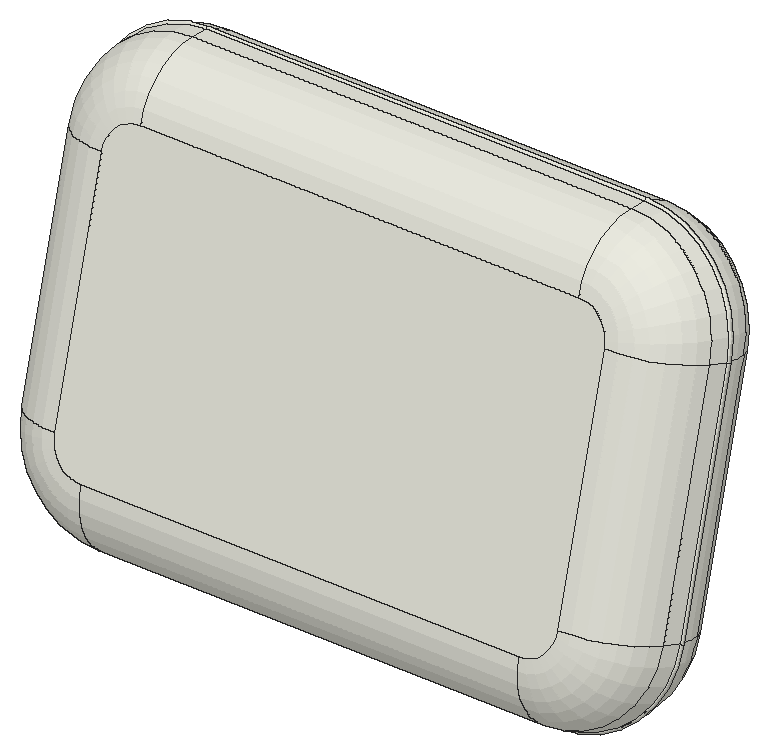
Revit family "Haworth_BuzziCane_Cushion", category Furniture, Revit 2018
Family settings
  OmniClass Number = 23.40.70.14.64.21
  OmniClass Title = Systems Furniture
  Work Plane-Based = No
  Always vertical = Yes
  Cut with Voids When Loaded = No
  Shared = No
  Room Calculation Point = No
Parameters (values of type "HCBZ-CNC")
  Warranty = "http://www.haworth.com/resources/product-info/warranties"
  Upholstery Finish [instance] = Haworth _ Fabric _ Kvadrat Tonus 4_BT4-100
  URL - Product = "https://www.haworth.com/products/seating/lounge-sofas-benches/buzzicane"
  URL = "http://www.haworth.com/our-brands/haworth-collection"
  Size = "Verify Final Dim. w/ Haworth"  # constant formula
  Revision Number = "1"  # constant formula
  Model = "HCBZ-CNC"  # constant formula
  Manufacturer = "Haworth"  # constant formula
  Description = "Haworth - BuzziCane - Cushion"  # constant formula
  Cushion Dimension = 13.50"  # constant formula
  Author = "Haworth (Alias)"  # constant formula
  Assembly Code = "E2020200"
  Actual Width = 20.46875"  # constant formula
  Actual Height = 12.60156"  # constant formula
  Actual Depth = 5.89844"  # constant formula
Reference planes (in)
  plane 1: z = 0
  plane 2 "Center LR": x = 28.501126
  plane 3 "Back": y = 17.7928867
  plane 4 "Pillow Angle": through (480, 16.7476774, 29.8137104) normal (0, 0.9687, -0.2481)
  plane 5 "Right": x = 38.741126
  plane 6 "Left": x = 18.261126
  plane 7 "Center (Front/Back)": y = 14.843668
  plane 8: z = 29.2240276
  plane 9: z = 16.6224651
  plane 10 "Front": y = 11.8944492
Forms (in)
  Extrusion 1, solid, material "Haworth _ Fabric _ Kvadrat Tonus 4_BT4-100" <- "Upholstery Finish"
    sketch origin (0, 8.7424049, -1.7285443) x (0, 0.248135, 0.968725) y (1, 0, 0)
      loop
        line (29.1389121, 22.001126) -> (29.1389121, 35.001126)
        arc (29.1389121, 35.001126) -> (29.0656888, 35.1779027) -> (28.8889121, 35.251126) r 0.25
        line (28.8889121, 35.251126) -> (21.9509919, 35.251126)
        arc (21.9509919, 35.251126) -> (21.7742152, 35.1779027) -> (21.7009919, 35.001126) r 0.25
        line (21.7009919, 35.001126) -> (21.7009919, 22.001126)
        arc (21.7009919, 22.001126) -> (21.7742152, 21.8243493) -> (21.9509919, 21.751126) r 0.25
        line (21.9509919, 21.751126) -> (28.8889121, 21.751126)
        arc (28.8889121, 21.751126) -> (29.0656888, 21.8243493) -> (29.1389121, 22.001126) r 0.25
    from -2.25 to 1.45
  Sweep 2, solid, material "Haworth _ Fabric _ Kvadrat Tonus 4_BT4-100" <- "Upholstery Finish"
    path in 3D
      loop
        arc (22.001126, 13.7931616, 27.0573647) -> (21.8243493, 13.7749923, 26.9864314) -> (21.751126, 13.7311278, 26.8151834) r 0.25
        line (21.751126, 13.7311278, 26.8151834) -> (21.751126, 12.0095858, 20.0942437)
        arc (21.751126, 12.0095858, 20.0942437) -> (21.8243493, 11.9657213, 19.9229956) -> (22.001126, 11.947552, 19.8520623) r 0.25
        line (22.001126, 11.947552, 19.8520623) -> (35.001126, 11.947552, 19.8520623)
        arc (35.001126, 11.947552, 19.8520623) -> (35.1779027, 11.9657213, 19.9229956) -> (35.251126, 12.0095858, 20.0942437) r 0.25
        line (35.251126, 12.0095858, 20.0942437) -> (35.251126, 13.7311278, 26.8151834)
        arc (35.251126, 13.7311278, 26.8151834) -> (35.1779027, 13.7749923, 26.9864314) -> (35.001126, 13.7931616, 27.0573647) r 0.25
        line (35.001126, 13.7931616, 27.0573647) -> (22.001126, 13.7931616, 27.0573647)
    profile origin (28.501126, 13.7931616, 27.0573647) x (0, -0.248135, -0.968725) y (0, -0.968725, 0.248135)
      loop
        line (0, 0) -> (-0.7144928, 0)
        arc (-0.7144928, 0) -> (-1.9487002, -0.4262363) -> (-2.6568436, -1.5232677) r 2
        arc (-2.6568436, -1.5232677) -> (-2.7118528, -1.7725551) -> (-2.7550904, -2.0241515) r 5.4326393
        arc (-2.7550904, -2.0241515) -> (-2.8166877, -2.0865883) -> (-2.7582948, -2.1520318) r 0.06409
        arc (-2.7582948, -2.1520318) -> (-2.7123447, -2.5308137) -> (-2.6095028, -2.8982518) r 2.5096193
        arc (-2.6095028, -2.8982518) -> (-2.1443738, -3.4999256) -> (-1.4166189, -3.7206727) r 1.25
        line (-1.4166189, -3.7206727) -> (0, -3.7) -> (0, 0)
Cuts and joins
  joined: Extrusion 1, Sweep 2
Lines and regions (in)
  Masking region 1
    outline origin (0, 0, 0) x (1, 0, 0) y (0, 1, 0)
      loop
        arc (20.2096564, 17.7928867) -> (19.1965046, 17.2750229) -> (19.0228322, 16.1505241) r 1.25
        arc (19.0228322, 16.1505241) -> (19.227293, 14.7619816) -> (18.9484834, 13.3864382) r 4.0746192
        arc (18.9484834, 13.3864382) -> (19.0800276, 12.226213) -> (20.1124991, 11.6808424) r 1.25
        line (20.1124991, 11.6808424) -> (36.889753, 11.6808424)
        arc (36.889753, 11.6808424) -> (37.9222245, 12.226213) -> (38.0537686, 13.3864382) r 1.25
        arc (38.0537686, 13.3864382) -> (37.7749591, 14.7619816) -> (37.9794198, 16.1505241) r 4.0746192
        arc (37.9794198, 16.1505241) -> (37.8057475, 17.2750229) -> (36.7925956, 17.7928867) r 1.25
        line (36.7925956, 17.7928867) -> (20.2096564, 17.7928867)
  sketch lines
    curve 1: line (35.001126, 13.7931616, 27.0573647) -> (22.001126, 13.7931616, 27.0573647)
    curve 2: line (21.751126, 13.7311278, 26.8151834) -> (21.751126, 12.0095858, 20.0942437)
    curve 3: arc (22.001126, 11.947552, 19.8520623) -> (21.8243493, 11.9657213, 19.9229956) -> (21.751126, 12.0095858, 20.0942437) r 0.25
    curve 4: line (22.001126, 11.947552, 19.8520623) -> (35.001126, 11.947552, 19.8520623)
    curve 5: arc (35.251126, 12.0095858, 20.0942437) -> (35.1779027, 11.9657213, 19.9229956) -> (35.001126, 11.947552, 19.8520623) r 0.25
    curve 6: line (35.251126, 12.0095858, 20.0942437) -> (35.251126, 13.7311278, 26.8151834)
    curve 7: arc (35.001126, 13.7931616, 27.0573647) -> (35.1779027, 13.7749923, 26.9864314) -> (35.251126, 13.7311278, 26.8151834) r 0.25
    curve 8: arc (21.751126, 13.7311278, 26.8151834) -> (21.8243493, 13.7749923, 26.9864314) -> (22.001126, 13.7931616, 27.0573647) r 0.25
Dimensions and locks (in)
  "Actual Depth": plane 3 "Back" to plane 10 "Front"
  equal spacing: plane 10 "Front", plane 7 "Center (Front/Back)", plane 3 "Back"
  "Actual Height": plane 8 to plane 9
  equal spacing: Extrusion 1 sketch curve, plane 2 "Center LR", Extrusion 1 sketch curve
  "Cushion Dimension": Extrusion 1 sketch curve to Extrusion 1 sketch curve
Automatic sketch dimensions
  Sweep 2 sketch curve to profile plane = 0.00"  (x2)
  profile plane to Sweep 2 sketch curve = 0.25117"
  profile plane to Sweep 2 sketch curve = 0.71449"
  profile plane to Sweep 2 sketch curve = 1.41662"
  Sweep 2 sketch curve to Sweep 2 sketch curve = 0.72037"
  Sweep 2 sketch curve to Sweep 2 sketch curve = 1.31776"
  Sweep 2 sketch curve to profile plane = 2.6192"
  Sweep 2 sketch curve to profile plane = 2.00"
  Sweep 2 sketch curve to Sweep 2 sketch curve = 0.04007"
  Sweep 2 sketch curve to Sweep 2 sketch curve = 0.08819"
  Sweep 2 sketch curve to Sweep 2 sketch curve = 0.47081"
  Sweep 2 sketch curve to profile plane = 2.81823"
  Sweep 2 sketch curve to Sweep 2 sketch curve = 1.24987"
  Sweep 2 sketch curve to Sweep 2 sketch curve = 0.00"  (x2)
  Sweep 2 sketch curve to Sweep 2 sketch curve = 0.00247"
  Sweep 2 sketch curve to Sweep 2 sketch curve = 0.02067"
  Masking region 1 sketch curve to plane 3 "Back" = 0.00"
  plane 7 "Center (Front/Back)" to Masking region 1 sketch curve = 0.02787"  (x2)
  Masking region 1 sketch curve to plane 6 "Left" = 1.85137"
  Masking region 1 sketch curve to plane 5 "Right" = 1.94853"
  Masking region 1 sketch curve to plane 5 "Right" = 1.85137"
  plane 5 "Right" to Masking region 1 sketch curve = 3.10698"
  Masking region 1 sketch curve to plane 10 "Front" = 1.03639"  (x2)
  plane 10 "Front" to Masking region 1 sketch curve = 0.21361"
  Masking region 1 sketch curve to plane 3 "Back" = 1.25"  (x2)
  Masking region 1 sketch curve to plane 6 "Left" = 0.68736"
  Masking region 1 sketch curve to Masking region 1 sketch curve = 0.00"  (x3)
  Extrusion 1 sketch curve to plane 6 "Left" = 3.74"
  Extrusion 1 sketch curve to Extrusion 1 sketch curve = 0.25"  (x2)
  Extrusion 1 sketch curve to Extrusion 1 sketch curve = 6.93792"  (x2)
